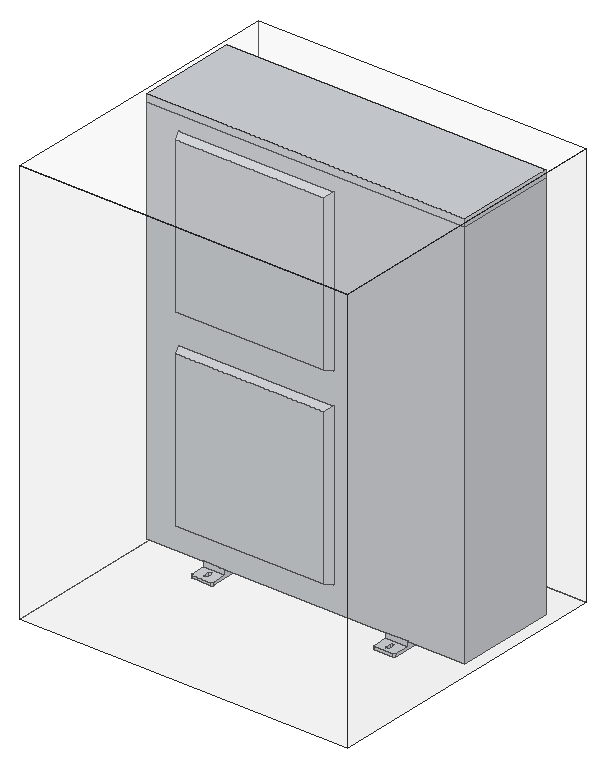
Revit family "puz-dhrmp80140ka3_50hz", category 機械設備, Revit 2019 (continued)
Definition of nested family "PUZ-ZRMP-3"
  Dimensions and locks
    aligned and locked: plane 50 to curve 2
    aligned and locked: plane 50 to curve 20
    aligned and locked: plane 57 to Extrusion 5 sketch curve
    aligned and locked: plane 53 to Extrusion 5 sketch curve
    aligned and locked: plane 58 to Extrusion 6 sketch curve
    aligned and locked: plane 56 to Extrusion 6 sketch curve
    aligned and locked: plane 61 to Extrusion 7 sketch curve
    aligned and locked: plane 54 to Extrusion 7 sketch curve
    aligned and locked: plane 55 to Extrusion 7
    aligned and locked: Extrusion 7 to plane 62
    aligned and locked: plane 64 to Extrusion 6
    aligned and locked: plane 63 to Extrusion 5
    aligned and locked: Extrusion 6 to plane 60
    aligned and locked: Extrusion 5 to plane 59
    aligned and locked: plane 66 to Extrusion 8 sketch curve
    aligned and locked: plane 65 to Extrusion 8 sketch curve
    aligned and locked: Extrusion 8 to plane 60
    aligned and locked: plane 64 to Extrusion 8
    aligned and locked: Blend 9 sketch curve to plane 71
    aligned and locked: Blend 9 sketch curve to plane 72
    aligned and locked: Blend 9 sketch curve to plane 42
    aligned and locked: Blend 9 sketch curve to plane 41
    aligned and locked: plane 45 to Blend 9 sketch curve
    aligned and locked: Blend 9 sketch curve to plane 46
    aligned and locked: Blend 9 sketch curve to plane 73
    aligned and locked: plane 74 to Blend 9 sketch curve
    aligned and locked: Blend 9 to plane 8
    aligned and locked: plane 38 to Blend 9
    aligned and locked: plane 22 to Extrusion 10 sketch curve
    aligned and locked: plane 21 to Extrusion 10 sketch curve
    aligned and locked: Extrusion 10 sketch curve to Extrusion 1  (x4)
    aligned and locked: Extrusion 10 sketch curve to plane 23
    aligned and locked: Extrusion 10 sketch curve to plane 20
    aligned and locked: plane 24 to Extrusion 10
    aligned and locked: Extrusion 10 to level
    aligned and locked: plane 25 to Extrusion 11
    aligned and locked: Extrusion 11 to plane 26
    aligned and locked: Masking region 1 sketch curve to Extrusion 3  (x4)
    aligned and locked: Masking region 1 sketch curve to cut or joined group of Extrusion 1, Extrusion 10  (x8)
    aligned and locked: Masking region 1 sketch curve to Blend 9  (x3)
    aligned and locked: plane 51 to Extrusion 11 sketch curve
    aligned and locked: plane 52 to Extrusion 11 sketch curve
    aligned and locked: plane 76 to Extrusion 11 sketch curve
    aligned and locked: plane 77 to Extrusion 11 sketch curve
    aligned and locked: plane 78 to Extrusion 11 sketch curve
    aligned and locked: plane 79 to Extrusion 11 sketch curve
    aligned and locked: plane 75 to Extrusion 11 sketch curve  (x4)
  Automatic sketch dimensions
    plane 7 to Extrusion 1 sketch curve = 0 mm  (x2)
    Extrusion 1 sketch curve to plane 18 = 0 mm
    plane 8 to Extrusion 1 sketch curve = 0 mm  (x2)
    Extrusion 1 sketch curve to plane 19 = 0 mm
    Extrusion 1 sketch curve to plane 20 = 0 mm
    Extrusion 1 sketch curve to plane 21 = 0 mm
    curve 187 to curve 188 = 40 mm
    curve 186 to curve 190 = 13.333 mm
    curve 190 to curve 190 = 40 mm
    curve 186 to curve 193 = 0 mm
    curve 186 to curve 188 = 40 mm
    curve 188 to curve 191 = 0 mm
    curve 179 to curve 180 = 40 mm
    curve 178 to curve 182 = 120 mm
    curve 182 to curve 182 = 40 mm
    curve 178 to curve 185 = 0 mm
    curve 178 to curve 180 = 40 mm
    curve 182 to curve 183 = 40 mm
    curve 25 to plane 45 = 0 mm
    curve 24 to plane 45 = 0 mm
    curve 22 to plane 45 = 0 mm
    curve 23 to plane 45 = 0 mm
    curve 26 to plane 45 = 0 mm
    curve 21 to plane 45 = 0 mm
    curve 24 to plane 46 = 0 mm
    curve 25 to plane 46 = 0 mm
    curve 26 to plane 46 = 0 mm
    curve 23 to plane 46 = 0 mm
    curve 22 to plane 46 = 0 mm
    curve 21 to plane 46 = 0 mm
    curve 37 to plane 48 = 0 mm
    curve 52 to plane 48 = 0 mm
    curve 51 to plane 48 = 0 mm
    curve 50 to plane 48 = 0 mm
    curve 49 to plane 48 = 0 mm
    curve 48 to plane 48 = 0 mm
    curve 47 to plane 48 = 0 mm
    curve 46 to plane 48 = 0 mm
    curve 45 to plane 48 = 0 mm
    curve 44 to plane 48 = 0 mm
    curve 43 to plane 48 = 0 mm
    curve 42 to plane 48 = 0 mm
    curve 41 to plane 48 = 0 mm
    curve 27 to plane 48 = 0 mm
    curve 28 to plane 48 = 0 mm
    curve 40 to plane 48 = 0 mm
    curve 39 to plane 48 = 0 mm
    curve 29 to plane 48 = 0 mm
    curve 38 to plane 48 = 0 mm
    curve 30 to plane 48 = 0 mm
    curve 53 to plane 48 = 0 mm
    curve 31 to plane 48 = 0 mm
    curve 36 to plane 48 = 0 mm
    curve 32 to plane 48 = 0 mm
    curve 35 to plane 48 = 0 mm
    curve 33 to plane 48 = 0 mm
    curve 34 to plane 48 = 0 mm
    curve 28 to plane 47 = 0 mm
    curve 41 to plane 47 = 0 mm
    curve 27 to plane 47 = 0 mm
    curve 42 to plane 47 = 0 mm
    curve 31 to plane 47 = 0 mm
    curve 40 to plane 47 = 0 mm
    curve 37 to plane 47 = 0 mm
    curve 39 to plane 47 = 0 mm
    curve 32 to plane 47 = 0 mm
    curve 45 to plane 47 = 0 mm
    curve 36 to plane 47 = 0 mm
    curve 46 to plane 47 = 0 mm
    curve 43 to plane 47 = 0 mm
    curve 47 to plane 47 = 0 mm
    curve 29 to plane 47 = 0 mm
    curve 48 to plane 47 = 0 mm
    curve 30 to plane 47 = 0 mm
    curve 49 to plane 47 = 0 mm
    curve 44 to plane 47 = 0 mm
    curve 50 to plane 47 = 0 mm
    curve 33 to plane 47 = 0 mm
    curve 51 to plane 47 = 0 mm
    curve 35 to plane 47 = 0 mm
    curve 52 to plane 47 = 0 mm
    curve 38 to plane 47 = 0 mm
    curve 53 to plane 47 = 0 mm
    curve 34 to plane 47 = 0 mm
    plane 13 to curve 304 = 138 mm
    curve 304 to plane 46 = 0 mm
    curve 307 to plane 45 = 0 mm
    curve 306 to plane 45 = 0 mm
    curve 303 to plane 45 = 0 mm
    curve 308 to plane 45 = 0 mm
    curve 303 to plane 46 = 0 mm
    curve 306 to plane 46 = 0 mm
    curve 307 to plane 46 = 0 mm
    curve 308 to plane 46 = 0 mm
    curve 309 to plane 45 = 0 mm
    curve 309 to plane 46 = 0 mm
    curve 305 to plane 74 = 0 mm
    curve 305 to plane 73 = 0 mm
    curve 310 to plane 74 = 0 mm
    curve 310 to plane 73 = 0 mm
    curve 311 to plane 73 = 0 mm
    curve 311 to plane 74 = 0 mm
    curve 312 to plane 74 = 0 mm
    curve 312 to plane 73 = 0 mm
    curve 313 to plane 74 = 0 mm
    curve 313 to plane 73 = 0 mm
    curve 314 to plane 73 = 0 mm
    curve 314 to plane 74 = 0 mm
    curve 315 to plane 74 = 0 mm
    curve 315 to plane 73 = 0 mm
    curve 316 to plane 73 = 0 mm
    curve 316 to plane 74 = 0 mm
    curve 317 to plane 74 = 0 mm
    curve 317 to plane 73 = 0 mm
    curve 318 to plane 74 = 0 mm
    curve 318 to plane 73 = 0 mm
    curve 319 to plane 74 = 0 mm
    curve 319 to plane 73 = 0 mm
    curve 320 to plane 74 = 0 mm
    curve 320 to plane 73 = 0 mm
    curve 321 to plane 74 = 0 mm
    curve 321 to plane 73 = 0 mm
    curve 322 to plane 73 = 0 mm
    curve 322 to plane 74 = 0 mm
    curve 323 to plane 73 = 0 mm
    curve 323 to plane 74 = 0 mm
    curve 324 to plane 73 = 0 mm
    curve 324 to plane 74 = 0 mm
    curve 325 to plane 74 = 0 mm
    curve 325 to plane 73 = 0 mm
    curve 326 to plane 74 = 0 mm
    curve 326 to plane 73 = 0 mm
    curve 327 to plane 74 = 0 mm
    curve 327 to plane 73 = 0 mm
    curve 328 to plane 74 = 0 mm
    curve 328 to plane 73 = 0 mm
    curve 329 to plane 74 = 0 mm
    curve 329 to plane 73 = 0 mm
    curve 330 to plane 74 = 0 mm
    curve 330 to plane 73 = 0 mm
    curve 331 to plane 74 = 0 mm
    curve 331 to plane 73 = 0 mm
    curve 332 to plane 73 = 0 mm
    curve 332 to plane 74 = 0 mm
    curve 333 to plane 74 = 0 mm
    curve 333 to plane 73 = 0 mm
    curve 334 to plane 73 = 0 mm
    curve 334 to plane 74 = 0 mm
    curve 335 to plane 74 = 0 mm
    curve 335 to plane 73 = 0 mm
    Extrusion 10 sketch curve to plane 18 = 0 mm  (x2)
    plane 8 to Extrusion 10 sketch curve = 0 mm
    plane 23 to Extrusion 10 sketch curve = 0 mm
    plane 22 to Extrusion 10 sketch curve = 0 mm  (x3)
    plane 16 to Extrusion 10 sketch curve = 0 mm  (x3)
    plane 17 to Extrusion 10 sketch curve = 0 mm  (x3)
    Extrusion 10 sketch curve to plane 15 = 0 mm  (x2)
    Extrusion 10 sketch curve to plane 19 = 0 mm  (x2)
    Extrusion 10 sketch curve to plane 14 = 0 mm  (x2)
    plane 7 to Extrusion 10 sketch curve = 0 mm
    Extrusion 10 sketch curve to plane 18 = 5 mm
    plane 15 to Extrusion 10 sketch curve = 6 mm  (x2)
    plane 19 to Extrusion 10 sketch curve = 5 mm
    Extrusion 10 sketch curve to plane 20 = 5 mm
    plane 14 to Extrusion 10 sketch curve = 6 mm  (x2)
    plane 21 to Extrusion 10 sketch curve = 5 mm
    plane 38 to Extrusion 10 sketch curve = 10 mm  (x2)
    plane 19 to Masking region 1 sketch curve = 0 mm
    plane 21 to Masking region 1 sketch curve = 0 mm
    plane 7 to Masking region 1 sketch curve = 0 mm  (x2)
    Masking region 1 sketch curve to plane 20 = 0 mm
    Masking region 1 sketch curve to plane 18 = 0 mm
    plane 8 to Masking region 1 sketch curve = 0 mm  (x2)
    plane 38 to Masking region 1 sketch curve = 0 mm
    curve 352 to plane 6 = 0 mm
    plane 7 to curve 352 = 0 mm
    curve 353 to plane 18 = 0 mm
    curve 348 to plane 18 = 0 mm
    plane 8 to curve 346 = 0 mm
    curve 354 to plane 19 = 0 mm
    curve 347 to plane 19 = 0 mm
    curve 345 to plane 41 = 0 mm
    plane 38 to curve 344 = 0 mm
    curve 344 to plane 46 = 0 mm
    curve 357 to plane 20 = 0 mm
    curve 343 to plane 20 = 0 mm
    curve 358 to plane 21 = 0 mm
    curve 341 to plane 21 = 0 mm
    curve 339 to plane 45 = 0 mm
    curve 339 to plane 42 = 0 mm
    curve 337 to plane 5 = 0 mm
    plane 22 to curve 354 = 0 mm
    plane 22 to curve 358 = 0 mm
    plane 23 to curve 342 = 0 mm
    plane 23 to curve 347 = 0 mm
    curve 11 to plane 65 = 6 mm
    plane 18 to curve 352 = 28.157 mm
    plane 15 to curve 346 = 0.043 mm
    plane 21 to curve 338 = 11.963 mm
    curve 336 to plane 21 = 9.073 mm
    curve 344 to plane 21 = 22.105 mm
    plane 28 to curve 3 = 5 mm
    curve 3 to plane 45 = 38 mm
    curve 1 to plane 45 = 38 mm
    curve 3 to curve 5 = 0 mm
    curve 4 to plane 29 = 5 mm
    curve 372 to plane 65 = 6 mm
    plane 65 to curve 376 = 9 mm
    curve 12 to plane 65 = 6 mm
    curve 20 to plane 53 = 4 mm
    curve 2 to curve 16 = 15 mm
    plane 51 to curve 15 = 5 mm
Definition of nested family "固定点"
  Parameters (values of type "固定点")
    中心円 = if(W > 599 mm, 12 mm, 10 mm)  # 12 mm
    W = 1000 mm
    D = 1000 mm
  Reference planes
    plane 1 "中心(正面/背面)": y = 0
    plane 2: z = 0
    plane 3 "中心(左/右)": x = 0
    plane 4: x = 1000
    plane 5: y = 1000
  Lines and regions (mm)
    symbolic lines, detail levels fine
      curve 1: circle (0, 1000, 0) r 6 normal (0, 0, 1)
      curve 2: circle (0, 0, 0) r 6 normal (0, 0, 1)
      curve 3: circle (1000, 1000, 0) r 6 normal (0, 0, 1)
      curve 4: circle (1000, 0, 0) r 6 normal (0, 0, 1)
      curve 5: line (-200, 1000, 0) -> (1200, 1000, 0)
      curve 6: line (-200, 0, 0) -> (1200, 0, 0)
      curve 7: line (0, 1200, 0) -> (0, -200, 0)
      curve 8: line (1000, 1200, 0) -> (1000, -200, 0)
  Dimensions and locks
    "W": plane 3 "中心(左/右)" to plane 4
    "D": plane 1 "中心(正面/背面)" to plane 5
    "中心円": diameter of curve 1
    "中心円": diameter of curve 2
    "中心円": diameter of curve 3
    "中心円": diameter of curve 4
    aligned and locked: level to plane 2
    aligned and locked: plane 5 to curve 1
    aligned and locked: plane 3 "中心(左/右)" to curve 1
    aligned and locked: plane 3 "中心(左/右)" to curve 2
    aligned and locked: plane 1 "中心(正面/背面)" to curve 2
    aligned and locked: plane 4 to curve 3
    aligned and locked: plane 5 to curve 3
    aligned and locked: plane 1 "中心(正面/背面)" to curve 4
    aligned and locked: plane 4 to curve 4
    aligned and locked: plane 1 "中心(正面/背面)" to curve 6
    aligned and locked: curve 7 to plane 3 "中心(左/右)"
    aligned and locked: curve 8 to plane 4
  Automatic sketch dimensions
    curve 5 to plane 5 = 0 mm
    curve 6 to plane 3 "中心(左/右)" = 200 mm
    curve 5 to plane 3 "中心(左/右)" = 200 mm
    curve 4 to curve 6 = 200 mm
    curve 3 to curve 5 = 200 mm
    plane 1 "中心(正面/背面)" to curve 8 = 200 mm
    plane 1 "中心(正面/背面)" to curve 7 = 200 mm
    curve 3 to curve 8 = 200 mm
    curve 1 to curve 7 = 200 mm
Types (3, lengths in mm): name | 音響パワーレベル_冷房 (dB) | 音響パワーレベル_暖房 (dB) | 音響パワーレベル(dB) | 電動機出力_圧縮機 | 消費電力_暖房 | 消費電力_冷房 | 消費電力 | 構成品番 | 暖房能力 | 推奨ブレーカー容量 | 冷房能力
  室外機_PUZ-DHRMP80KA3 (-BS_BSG) | 66 | 68 | 68 | 1.5 kW | 1.92 kW | 1.77 kW | 1.92 kW | "PUZ-DHRMP80KA3 (-BS,-BSG)" | 8 kW | 30 A | 7.1 kW
  室外機_PUZ-DHRMP112KA3 (-BS_BSG) | 66 | 69 | 69 | 2.1 kW | 2.69 kW | 2.5 kW | 2.69 kW | "PUZ-DHRMP112KA3 (-BS,-BSG)" | 11.2 kW | 30 A | 10 kW
  室外機_PUZ-DHRMP140KA3 (-BS_BSG) | 68 | 69 | 69 | 2.7 kW | 3.82 kW | 3.69 kW | 3.82 kW | "PUZ-DHRMP140KA3 (-BS,-BSG)" | 14 kW | 40 A | 12.5 kW
